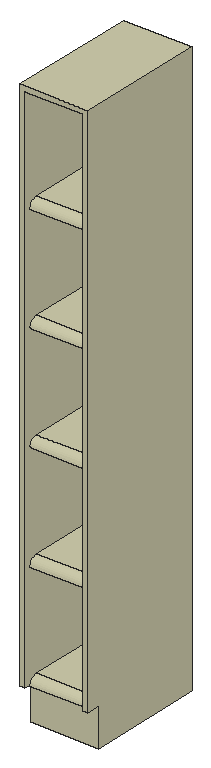
Revit family "Wenger Cabinet 20", category Furniture, Revit 2011
Parameters (values of type "Standard Cabinet #20")
  URL = "http://www.wengercorp.com/Home/Contact.html"
  Toekick Material [instance] = none
  RH End Panel [instance] = no
  Model = "20"
  Manufacturer = "Wenger Corporation"
  LH End Panel [instance] = no
  End Panel Material [instance] = none
  Edge Banding Material [instance] = none
  Door Material [instance] = none
  Description = "Standard Cabinet #20"
  Cabinet Width = 0' - 10"
  Cabinet Label = Labels : Standard
  Cabinet Height = 7' - 1 5/8"
  Cabinet Depth = 1' - 7 1/4"
  Cabinet Back Thickness = 0' - 0 3/4"
  Assembly Code = ""
Types (4): name | Model | Description | Cabinet Width | Cabinet Label | Cabinet Depth | Cabinet Back Thickness
  Standard Cabinet #20 | "20" | "Standard Cabinet #20" | 0' - 10" | Labels : Standard | 1' - 7 1/4" | 0' - 0 3/4"
  Acoustic Cabinet #20 | "20A" | "Acoustic Cabinet #20" | 0' - 10" | Labels : Acoustic | 1' - 9 3/4" | 0' - 3 1/4"
  Narrow Acoustic Cabinet #20 | "20NA" | "Narrow Acoustic Cabinet #20" | 0' - 8" | Labels : Narrow Acoustic | 1' - 9 3/4" | 0' - 3 1/4"
  Narrow Cabinet #20 | "20N" | "Narrow Cabinet #20" | 0' - 8" | Labels : Narrow | 1' - 7 1/4" | 0' - 0 3/4"
Reference planes (in)
  plane 1 "Front": y = 0
  plane 2: z = 0
  plane 3 "Left": x = 0
  plane 4 "Right": x = 10
  plane 5 "Back": y = 19.25
  plane 6 "Top": z = 85.625
  plane 7: z = 5.625
  plane 8: z = 21.475
  plane 9: z = 37.325
  plane 10: z = 53.175
  plane 11: z = 69.025
  plane 12: x = 0.75
  plane 13: x = 9.25
  plane 14: z = 84.875
  plane 15: y = 18.5
  plane 16: y = 2
  plane 17: y = 0.75
  plane 18: z = 22.6
  plane 19: z = 38.45
  plane 20: z = 54.3
  plane 21: z = 70.15
  plane 22: z = 6.75
Forms (in)
  Extrusion 1, solid, material "Wenger - Oyster"
    sketch origin (0, 0, 0) x (0, 1, 0) y (0, 0, 1)
      loop
        line (0, 85.625) -> (0, 5.625) -> (2, 5.625) -> (2, 0) -> (19.25, 0) -> (19.25, 85.625) -> (0, 85.625)
    from 0 to 10
  Extrusion 2, void
    sketch origin (0, 0, 0) x (0, 1, 0) y (0, 0, 1)
      loop
        line (-5.5, 84.875) -> (-5.5, 5.625) -> (0.75, 5.625)
        arc (0.75, 5.625) -> (1.18296, 6.40088) -> (2, 6.75) r 1.375
        line (2, 6.75) -> (18.5, 6.75) -> (18.5, 21.475) -> (0.75, 21.475)
        arc (0.75, 21.475) -> (1.18296, 22.25088) -> (2, 22.6) r 1.375
        line (2, 22.6) -> (18.5, 22.6) -> (18.5, 37.325) -> (0.75, 37.325)
        arc (0.75, 37.325) -> (1.18296, 38.10088) -> (2, 38.45) r 1.375
        line (2, 38.45) -> (18.5, 38.45) -> (18.5, 53.175) -> (0.75, 53.175)
        arc (0.75, 53.175) -> (1.18296, 53.95088) -> (2, 54.3) r 1.375
        line (2, 54.3) -> (18.5, 54.3) -> (18.5, 69.025) -> (0.75, 69.025)
        arc (0.75, 69.025) -> (1.18296, 69.80088) -> (2, 70.15) r 1.375
        line (2, 70.15) -> (18.5, 70.15) -> (18.5, 84.875) -> (-5.5, 84.875)
    from 0.75 to 9.25
Cuts and joins
  Extrusion 2 cuts Extrusion 1
Lines and regions (in)
  symbolic lines
    curve 1: line (0, 19.25, 0) -> (10, 19.25, 0)
    curve 2: line (0, 0, 0) -> (0, 19.25, 0)
    curve 3: line (10, 0, 0) -> (0, 0, 0)
    curve 4: line (10, 19.25, 0) -> (10, 0, 0)
Text (in)
  text "01" at (13.28235, 0, 97.09414), in view "Front"
Dimensions and locks (in)
  locked: plane 3 "Left" to plane 12 at 0.75
  locked: plane 13 to plane 4 "Right" at 0.75
  "Cabinet Back Thickness": plane 5 "Back" to plane 15
  locked: plane 1 "Front" to plane 17 at 0.75
  locked: plane 1 "Front" to plane 16 at 2
  locked: plane 18 to plane 8 at 1.125
  locked: plane 19 to plane 9 at 1.125
  locked: plane 20 to plane 10 at 1.125
  locked: plane 21 to plane 11 at 1.125
  locked: plane 6 "Top" to plane 14 at 0.75
  equal spacing: plane 14, plane 11, plane 10, plane 9, plane 8, plane 7
  locked: plane 22 to plane 7 at 1.125
  plane 13 to plane 3 "Left" = 0' - 9 1/4"
  "Cabinet Width": plane 3 "Left" to plane 4 "Right"
  locked: plane 7 to level at 5.625
  "Cabinet Height": plane 6 "Top" to level
  "Cabinet Depth": plane 1 "Front" to plane 5 "Back"
  plane 12 to plane 13 = 0' - 8 1/2"
  plane 14 to plane 7 = 6' - 7 1/4"
  aligned and locked: Extrusion 1 sketch curve to plane 6 "Top"
  aligned and locked: Extrusion 1 sketch curve to plane 5 "Back"
  aligned and locked: Extrusion 1 sketch curve to plane 1 "Front"
  aligned and locked: Extrusion 1 sketch curve to plane 7
  aligned and locked: Extrusion 1 sketch curve to plane 16
  aligned and locked: Extrusion 1 sketch curve to level
  aligned and locked: Extrusion 1 to plane 4 "Right"
  aligned and locked: Extrusion 1 to plane 3 "Left"
  aligned and locked: Extrusion 2 sketch curve to plane 14
  aligned and locked: Extrusion 2 sketch curve to plane 15
  aligned and locked: Extrusion 2 sketch curve to plane 11
  aligned and locked: Extrusion 2 sketch curve to plane 20
  aligned and locked: Extrusion 2 sketch curve to plane 10
  aligned and locked: Extrusion 2 sketch curve to plane 19
  aligned and locked: Extrusion 2 sketch curve to plane 9
  aligned and locked: Extrusion 2 sketch curve to plane 18
  aligned and locked: Extrusion 2 sketch curve to plane 8
  aligned and locked: Extrusion 2 sketch curve to plane 22
  aligned and locked: Extrusion 2 sketch curve to plane 21
  aligned and locked: Extrusion 2 to plane 12
  aligned and locked: plane 3 "Left" to curve 2
  aligned and locked: curve 1 to plane 5 "Back"
  aligned and locked: plane 4 "Right" to curve 4
  aligned and locked: curve 3 to plane 1 "Front"
  aligned and locked: Extrusion 2 to plane 13
Automatic sketch dimensions
  Extrusion 2 sketch curve to plane 7 = 0' - 0"
  Extrusion 2 sketch curve to plane 17 = 0' - 0"  (x5)
  Extrusion 2 sketch curve to plane 16 = 0' - 0"  (x5)
  Extrusion 2 sketch curve to plane 15 = 0' - 0"  (x4)
  plane 1 "Front" to Extrusion 2 sketch curve = 0' - 5 1/2"
  Extrusion 2 sketch curve to plane 16 = 0' - 0.10279"  (x5)
Nested families (in)
  nested 1: "LH End Panel" at (0, 4.25, 0) x (0, -1, 0) z (0, 0, 1), End Panel Material <- "End Panel Material", visible <- "LH End Panel", Edge Banding Material <- "Edge Banding Material", type "20x84 LH"
    with End Panel Material none, Edge Banding Material none
  nested 2: "RH End Panel" at (10.75, 4.25, 0) x (0, -1, 0) z (0, 0, 1), End Panel Material <- "End Panel Material", visible <- "RH End Panel", Edge Banding Material <- "Edge Banding Material", type "20x84 RH"
    with End Panel Material none, Edge Banding Material none
  nested 3: "Labels" at (3.16667, 10.99312, 0) x (0, 1, 0) z (0, 0, 1), type <- "Cabinet Label", type "Standard"
  nested 4: "Front Note" at (4, 0.33495, 0), type "Front Note", detail levels medium+fine
Definition of nested family "LH End Panel"
  Parameters (values of type "20x84 LH")
    End Panel Material [instance] = none
    End Panel Height = 7' - 1 5/8"
    End Panel Depth = 1' - 7 1/4"
    Edge Banding Material [instance] = none
    Default Elevation = 4' - 0"
    Assembly Code = ""
  Reference planes (in)
    plane 1 "Center (Front/Back)": y = 0
    plane 2: z = 0
    plane 3 "Center (Left/Right)": x = 0
    plane 4: x = -15
    plane 5: x = 4.25
    plane 6: z = 5.625
    plane 7: x = 2.25
    plane 8: z = 85.625
    plane 9: y = -0.75
  Forms (in)
    Extrusion 1, solid, material <- "End Panel Material"
      sketch origin (0, 0, 0) x (1, 0, 0) y (0, 0, 1)
        loop
          line (-15, 85.625) -> (-15, 0) -> (2.25, 0) -> (2.25, 5.625) -> (4.25, 5.625) -> (4.25, 85.625) -> (-15, 85.625)
      from 0 to 0.75
  Dimensions and locks (in)
    locked: plane 7 to plane 5 at 2
    locked: plane 6 to level at 5.625
    "End Panel Height": plane 8 to level
    "End Panel Depth": plane 5 to plane 4
    locked: plane 9 to plane 1 "Center (Front/Back)" at 0.75
    aligned and locked: plane 4 to Extrusion 1 sketch curve
    aligned and locked: level to Extrusion 1 sketch curve
    aligned and locked: plane 7 to Extrusion 1 sketch curve
    aligned and locked: plane 6 to Extrusion 1 sketch curve
    aligned and locked: Extrusion 1 sketch curve to plane 5
    aligned and locked: Extrusion 1 sketch curve to plane 8
    aligned and locked: Extrusion 1 to plane 9
    aligned and locked: Extrusion 1 to plane 1 "Center (Front/Back)"
Definition of nested family "RH End Panel"
  Parameters (values of type "20x84 RH")
    End Panel Material [instance] = none
    End Panel Height = 7' - 1 5/8"
    End Panel Depth = 1' - 7 1/4"
    Edge Banding Material [instance] = none
    Default Elevation = 4' - 0"
    Assembly Code = ""
  Reference planes (in)
    plane 1 "Center (Front/Back)": y = 0
    plane 2: z = 0
    plane 3 "Center (Left/Right)": x = 0
    plane 4: x = -15
    plane 5: x = 4.25
    plane 6: z = 5.625
    plane 7: x = 2.25
    plane 8: z = 85.625
    plane 9: y = -0.75
  Forms (in)
    Extrusion 1, solid, material <- "End Panel Material"
      sketch origin (0, 0, 0) x (1, 0, 0) y (0, 0, 1)
        loop
          line (-15, 85.625) -> (-15, 0) -> (2.25, 0) -> (2.25, 5.625) -> (4.25, 5.625) -> (4.25, 85.625) -> (-15, 85.625)
      from 0 to 0.75
  Dimensions and locks (in)
    locked: plane 7 to plane 5 at 2
    locked: plane 6 to level at 5.625
    "End Panel Height": plane 8 to level
    "End Panel Depth": plane 5 to plane 4
    locked: plane 9 to plane 1 "Center (Front/Back)" at 0.75
    aligned and locked: plane 4 to Extrusion 1 sketch curve
    aligned and locked: level to Extrusion 1 sketch curve
    aligned and locked: plane 7 to Extrusion 1 sketch curve
    aligned and locked: plane 6 to Extrusion 1 sketch curve
    aligned and locked: Extrusion 1 sketch curve to plane 5
    aligned and locked: Extrusion 1 sketch curve to plane 8
    aligned and locked: Extrusion 1 to plane 9
    aligned and locked: Extrusion 1 to plane 1 "Center (Front/Back)"
Definition of nested family "Labels"
  Parameters (values of type "Standard")
    Cabinet Label = "01"
  Types (4): name | Cabinet Label
    Standard | "01"
    Narrow | "01N"
    Narrow Acoustic | "01NA"
    Acoustic | "01A"
  Reference planes (in)
    plane 1: y = 0
    plane 2: x = 0
  Text (in)
    label "xxxx" at (-0.00018, 0.00754, 0), shows "Cabinet Label"
Definition of nested family "Front Note"
  Parameters (values of type "Front Note")
    Cabinet Label = "Front"
  Reference planes (in)
    plane 1: y = 0
    plane 2: x = 0
  Text (in)
    label "Front" at (-0.00018, 0.00754, 0), shows "Cabinet Label"
